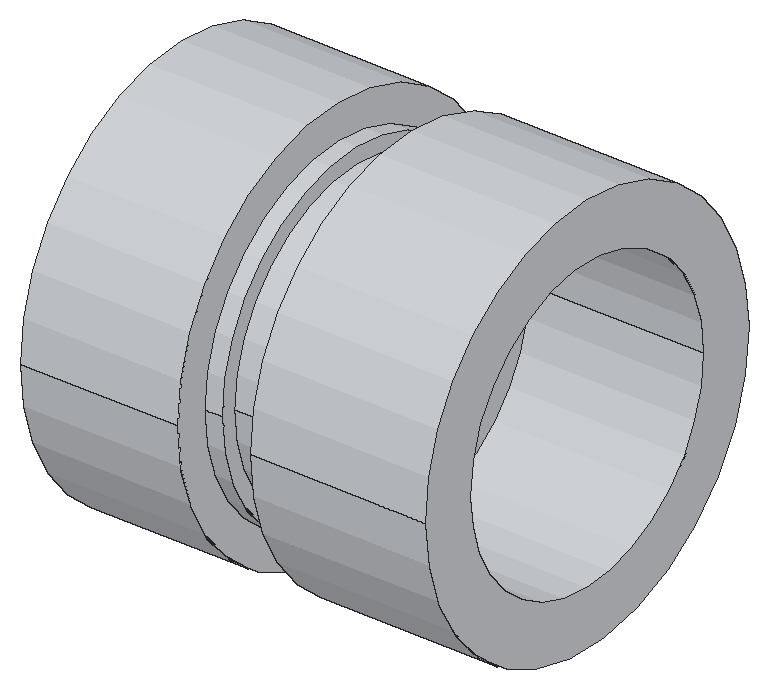
Revit family "Doppelmuffe", category Rohrformteile, Revit 2020
Family settings
  Bemaßung runder Anschluss = Radius verwenden
  Teiletyp = Verbindung
  Arbeitsebenenbasiert = Nein
  Immer vertikal = Ja
  Beim Laden mit Abzugskörper schneiden = Nein
  Gemeinsam genutzt = Nein
Parameters (values of type "Standard")
  € [instance] = if(DN = 100 mm, 170.12, if(DN = 125 mm, 243.81, if(DN = 150 mm, 240.06, if(DN = 200 mm, 381.94, if(DN = 250 mm, 570.52, if(DN = 300 mm, 792.87, 0))))))  # 0
  kg [instance] = if(DN = 100 mm, 8.00 kg, if(DN = 125 mm, 10.50 kg, if(DN = 150 mm, 13.00 kg, if(DN = 200 mm, 18.00 kg, if(DN = 250 mm, 25.00 kg, if(DN = 300 mm, 38.00 kg, 0.00 kg))))))  # 0.00 kg
  Vorgabe-Ansicht = 0 mm
  Radius Muffe außen [instance] = Radius Muffe * 1.2  # 27.57 mm
  Radius Muffe [instance] = size_lookup("PressConnector", "Rad1", 0.52 * Nenndurchmesser + 2.5 mm, Nenndurchmesser)  # 22.975 mm
  Radius Muffenkontur [instance] = size_lookup("PressConnector", "Rad2", 0.018 * Nenndurchmesser + 2.5 mm, Nenndurchmesser)  # 3.75 mm
  Oberfläche [instance] = none
  Muffenkontur Abstand [instance] = size_lookup("PressConnector", "Lgt2", 0.15 * Nenndurchmesser + 7.4 mm, Nenndurchmesser)  # 13 mm
  Länge Muffe 2 [instance] = Nenndurchmesser / 2 * 1.2  # 24 mm
  Länge Muffe [instance] = 2.5 mm  # constant formula
  Radius außen [instance] = size_lookup(Name der Abruftabelle, "ORad1", 0.54 * Nenndurchmesser + 0.2 mm, Nenndurchmesser)  # 21 mm
  Nennradius [instance] = 20 mm
  Nenndurchmesser [instance] = Nennradius * 2  # 40 mm
  Verlustberechnungsmethode = K-Koeffizient aus Tabelle
  Name der Abruftabelle = "Transition Stainless Steel Press"
  Länge [instance] = 5 mm  # constant formula
  K-Koeffizient-Tabelle = "Reduktionsstück/Kupplung/Verbindung/Erweiterungsstück"
  DN [instance] = Nenndurchmesser  # 40 mm
  # [instance] = if(Nenndurchmesser = 100 mm, "FUROMM100", if(Nenndurchmesser = 125 mm, "FUROMM125", if(Nenndurchmesser = 150 mm, "FUROMM150", if(Nenndurchmesser = 200 mm, "FUROMM200", if(Nenndurchmesser = 250 mm, "FUROMM250", if(Nenndurchmesser = 300 mm, "FUROMM300", "-"))))))  # "-"
Reference planes
  plane 1 "Mitte (Vorne/hinten)": y = 0
  plane 2: z = 0
  plane 3 "Mitte (Links/rechts)": x = 0
  plane 4: x = 2.5
  plane 5: x = -5
  plane 6: x = 5
  plane 7: x = 8
  plane 8: y = 22.975
  plane 9: x = -8
  plane 10: z = 20
  plane 11: z = -20
  plane 12: y = 20
  plane 13: y = -20
  plane 14: x = -2.5
  plane 15: x = 29
  plane 16: x = -26.5
Forms (mm)
  Extrusion 1, solid, material <- "Oberfläche", detail levels fine
    sketch origin (2.5, 298.262, 1219.2) x (0, 1, 0) y (0, 0, 1)
      loop
        circle (-298.262, -1219.2) r 22.975
    from 0 to 2.5
  Extrusion 2, solid, material <- "Oberfläche", detail levels fine
    sketch origin (0, 0, 0) x (0, 1, 0) y (0, 0, 1)
      loop
        circle (0, 0) r 22.975
    from -2.5 to -5
  Blend 3, solid, material <- "Oberfläche", detail levels fine
    base sketch origin (0, 0, 0) x (0, 1, 0) y (0, 0, 1)
      loop
        circle (0, 0) r 21
    top sketch origin (0, 0, 0) x (0, 1, 0) y (0, 0, 1)
      loop
        circle (0, 0) r 21
    from -2.5 to 2.5
  Extrusion 4, solid
    sketch origin (0, 0, 0) x (0, 1, 0) y (0, 0, 1)
      loop
        circle (0, 0) r 20
      loop
        circle (0, 0) r 27.57
    from 5 to 29
  Extrusion 5, solid
    sketch origin (0, 0, 0) x (0, 1, 0) y (0, 0, 1)
      loop
        circle (0, 0) r 20
      loop
        circle (0, 0) r 27.57
    from -26.5 to -5
Lines and regions (mm)
  model lines, detail levels coarse+medium
    curve 1: line (-5, 0, 0) -> (5, 0, 0)
    curve 2: line (0, 20, 0) -> (0, -20, 0)
    curve 3: line (-2.5, 20, 0) -> (2.5, 20, 0)
    curve 4: line (-2.5, -20, 0) -> (2.5, -20, 0)
  model lines, style "Symbol", detail levels coarse+medium
    curve 5: line (-5, 0, 0) -> (5, 0, 0)
    curve 6: line (0, 0, 20) -> (0, 0, -20)
    curve 7: line (-2.5, 0, 20) -> (2.5, 0, 20)
    curve 8: line (-2.5, 0, -20) -> (2.5, 0, -20)
    curve 9: circle (0, 0, 0) r 20 normal (1, 0, 0)
Dimensions and locks
  "Länge": plane 14 to plane 4
  "Länge Muffe": plane 4 to plane 6
  "Länge Muffe": plane 5 to plane 14
  "Muffenkontur Abstand": plane 5 to plane 7
  "Muffenkontur Abstand": plane 9 to plane 6
  "Radius Muffe": plane 1 "Mitte (Vorne/hinten)" to plane 8
  equal spacing: plane 11, level, plane 10
  "Nennradius": level to plane 10
  equal spacing: plane 13, plane 1 "Mitte (Vorne/hinten)", plane 12
  "Nennradius": plane 1 "Mitte (Vorne/hinten)" to plane 12
  equal spacing: plane 14, plane 3 "Mitte (Links/rechts)", plane 4
  "Länge Muffe 2": plane 6 to plane 15
  "Länge Muffe 2": plane 16 to plane 14
  "Radius Muffe": radius of Extrusion 1 sketch curve
  "Radius Muffe": radius of Extrusion 2 sketch curve
  "Radius außen": radius of Blend 3 sketch curve  (x2)
  "Nennradius": radius of curve 9
  "Nennradius": radius of Extrusion 4 sketch curve
  "Nennradius": radius of Extrusion 5 sketch curve
  "Radius Muffe außen": radius of Extrusion 5 sketch curve
  "Radius Muffe außen": radius of Extrusion 4 sketch curve
  aligned and locked: plane 2 to level
  aligned and locked: Extrusion 1 to plane 6
  aligned and locked: Extrusion 1 to plane 4
  aligned and locked: Extrusion 2 to plane 5
  aligned and locked: plane 4 to Blend 3
  aligned and locked: plane 14 to Extrusion 2
  aligned and locked: Blend 3 to plane 14
  aligned and locked: plane 1 "Mitte (Vorne/hinten)" to curve 1
  aligned and locked: curve 2 to plane 3 "Mitte (Links/rechts)"
  aligned and locked: plane 12 to curve 3
  aligned and locked: plane 13 to curve 4
  aligned and locked: curve 5 to level
  aligned and locked: curve 6 to plane 3 "Mitte (Links/rechts)"
  aligned and locked: curve 7 to plane 10
  aligned and locked: curve 8 to plane 11
  aligned and locked: Extrusion 4 to plane 6
  aligned and locked: Extrusion 4 to plane 15
  aligned and locked: Extrusion 5 to plane 16
  aligned and locked: plane 5 to Extrusion 5
Automatic sketch dimensions
  curve 1 to plane 5 = 0 mm
  curve 3 to plane 14 = 0 mm
  curve 4 to plane 14 = 0 mm
  curve 3 to plane 4 = 0 mm
  curve 4 to plane 4 = 0 mm
  curve 1 to plane 6 = 0 mm
  curve 5 to plane 5 = 0 mm
  curve 7 to plane 14 = 0 mm
  curve 8 to plane 14 = 0 mm
  curve 7 to plane 4 = 0 mm
  curve 8 to plane 4 = 0 mm
  plane 6 to curve 5 = 0 mm
  Extrusion 1 sketch curve to level = 0 mm
  Extrusion 1 sketch curve to plane 1 "Mitte (Vorne/hinten)" = 0 mm
  Extrusion 2 sketch curve to level = 0 mm
  Extrusion 2 sketch curve to plane 1 "Mitte (Vorne/hinten)" = 0 mm
  Blend 3 sketch curve to level = 0 mm  (x2)
  Blend 3 sketch curve to plane 1 "Mitte (Vorne/hinten)" = 0 mm  (x2)
  curve 9 to level = 0 mm
  curve 9 to plane 1 "Mitte (Vorne/hinten)" = 0 mm
  Extrusion 4 sketch curve to Extrusion 4 sketch curve = 0 mm  (x2)
  Extrusion 4 sketch curve to level = 0 mm
  Extrusion 4 sketch curve to plane 1 "Mitte (Vorne/hinten)" = 0 mm
  Extrusion 5 sketch curve to Extrusion 5 sketch curve = 0 mm  (x2)
  Extrusion 5 sketch curve to level = 0 mm
  Extrusion 5 sketch curve to plane 1 "Mitte (Vorne/hinten)" = 0 mm
Connectors
  piping at (-5, 0, 0), diameter 40, driven by "Nennradius"
    settings: on Extrusion 2, index 1, connector inside diameter 40 mm, connector length 0 mm, flow factor 0, pipe flow 0 GPM, pressure drop 0.00 psi, fitting loss kfactor 0, connector angle 0.00°, fixture units 0, engagement length 0 mm, angle of deflection 0.00°, flow configuration 0, flow direction 0, fitting loss method 0, system type 28, joint type 0, gender type 0, connector reference index 2, connector utility 0, adjustable connector no, is connector primary yes, connector description ""
  piping at (5, 0, 0), diameter 40, driven by "Nennradius"
    settings: on Extrusion 1, index 2, connector inside diameter 40 mm, connector length 0 mm, flow factor 0, pipe flow 0 GPM, pressure drop 0.00 psi, fitting loss kfactor 0, connector angle 0.00°, fixture units 0, engagement length 0 mm, angle of deflection 0.00°, flow configuration 0, flow direction 0, fitting loss method 0, system type 28, joint type 0, gender type 0, connector reference index 1, connector utility 0, adjustable connector no, is connector primary no, connector description ""
